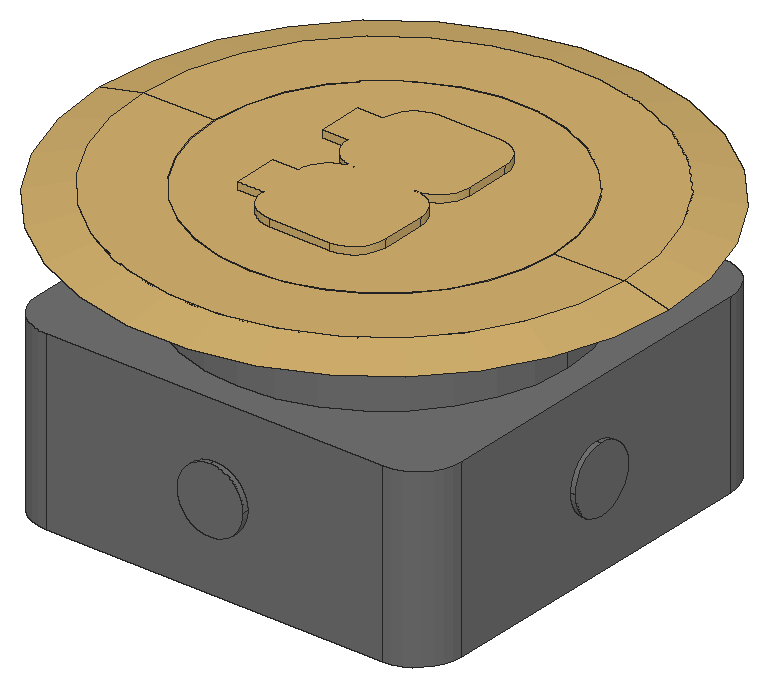
Revit family "Electrical_Equipment-Floor_Box-Hubbell_Wiring-Single_Service_Metal_Concrete-B2536", category Electrical Fixtures, host Face, Revit 2015
Parameters (values of type "B2536 - Brass Collar - 0.75in Access")
  URL = "http://www.hubbell-wiring.com/"
  Product data url = "https://bimobject.com/hubbellwiring/product/systemone-b2536"
  Product Page URL = "http://ecatalog.hubbell-wiring.com/productinformation/viewcatalog.aspx?Dest=hubbell-wiring.com/press/catalog/L.pdf&Page=4"
  Product Documentation Link = "http://ecatalog.hubbell-wiring.com/press/catalog/L-9.pdf"
  Model = "B2536"
  Manufacturer = "Hubbell-Wiring"  # constant formula
  Floor Box Type = Metal Concrete Floor Box : B2536 - Metal Concrete Floor Box
  Description = "Flush Round Single-Service Metal Concrete Floor Box"  # constant formula
  Default Elevation = 0' - 0"
  Cover Type [instance] = Single Service Covers : S3925 - Duplex Flap - Brass
  Cover Accessory Type [instance] = Carpet Flange : S3082 - 6.25in - Brass
  Construction Note [instance] = "Match Cover Material to Collar -- Turn Off Accessory for One Piece Cover"  # constant formula
  Conduit Connector_4 Description = "Conduit 0.75in. Connection"
  Conduit Connector_3 Description = "Conduit 0.75in. Connection"
  Conduit Connector_2 Description = "Conduit 0.75in. Connection"
  Conduit Connector_1 Description = "Conduit 0.75in. Connection"
  Conduit Connector 1 Radius = 0' - 0 3/8"
  Collar Material = Metal-Hubbell-Brass
  Box Material = Metal-Hubbell-Cast Iron
  Assembly Code = "D5020115"
Types (3): name | Model | Floor Box Type | Cover Type | Cover Accessory Type | Conduit Connector_4 Description | Conduit Connector_3 Description | Conduit Connector_2 Description | Conduit Connector_1 Description | Conduit Connector 1 Radius | Collar Material
  B2536 - Brass Collar - 0.75in Access | "B2536" | Metal Concrete Floor Box : B2536 - Metal Concrete Floor Box | Single Service Covers : S3925 - Duplex Flap - Brass | Carpet Flange : S3082 - 6.25in - Brass | "Conduit 0.75in. Connection" | "Conduit 0.75in. Connection" | "Conduit 0.75in. Connection" | "Conduit 0.75in. Connection" | 0' - 0 3/8" | Metal-Hubbell-Brass
  B253641 - Brass Collar - 1.0in Access | "B253641" | Metal Concrete Floor Box : B253641 - Metal Concrete Floor Box | Single Service Covers : S3925 - Duplex Flap - Brass | Carpet Flange : S3082 - 6.25in - Brass | "Conduit 1in. Connection" | "Conduit 1in. Connection" | "Conduit 1in. Connection" | "Conduit 1in. Connection" | 0' - 0 1/2" | Metal-Hubbell-Brass
  BA2536 - Aluminum Collar - 0.75in Access | "BA2536" | Metal Concrete Floor Box : BA2536 - Metal Concrete Floor Box | Single Service Covers : SA3925 - Duplex Flap - Aluminum | Carpet Flange : SA3082 - 6.25in - Aluminum | "Conduit 0.75in. Connection" | "Conduit 0.75in. Connection" | "Conduit 0.75in. Connection" | "Conduit 0.75in. Connection" | 0' - 0 3/8" | Metal-Hubbell-Aluminum
Reference planes (in)
  plane 1 "Center (Front/Back)": y = 0
  plane 2: z = 0
  plane 3 "Center (Left/Right)": x = 0
  plane 4: z = -3
Forms (in)
  Extrusion 1, void, detail levels fine
    sketch origin (0, 0, 0) x (1, 0, 0) y (0, 1, 0)
      loop
        line (1.92, 2.42) -> (-1.92, 2.42)
        arc (-1.92, 2.42) -> (-2.27355, 2.27355) -> (-2.42, 1.92) r 0.5
        line (-2.42, 1.92) -> (-2.42, -1.92)
        arc (-2.42, -1.92) -> (-2.27355, -2.27355) -> (-1.92, -2.42) r 0.5
        line (-1.92, -2.42) -> (1.92, -2.42)
        arc (1.92, -2.42) -> (2.27355, -2.27355) -> (2.42, -1.92) r 0.5
        line (2.42, -1.92) -> (2.42, 1.92)
        arc (2.42, 1.92) -> (2.27355, 2.27355) -> (1.92, 2.42) r 0.5
    from 0.20228 to -3
Lines and regions (in)
  symbolic lines
    curve 1: circle (0, 0, 0) r 3.25 normal (0, 0, 1)
Dimensions and locks (in)
  aligned and locked: plane 2 to host face
  aligned and locked: level to host face
  aligned: level to Extrusion 1
  aligned: Extrusion 1 to plane 4
  aligned and locked: plane 3 "Center (Left/Right)" to nested 1
  aligned and locked: plane 1 "Center (Front/Back)" to nested 1
  aligned and locked: plane 2 to nested 1
  aligned and locked: Extrusion 1 sketch curve to nested 1  (x4)
  aligned and locked: Extrusion 1 to nested 1
  aligned and locked: plane 4 to nested 1
  aligned and locked: plane 1 "Center (Front/Back)" to nested 2
  aligned and locked: plane 1 "Center (Front/Back)" to nested 3
  aligned and locked: plane 2 to nested 3
  aligned and locked: plane 3 "Center (Left/Right)" to nested 3
  aligned and locked: plane 3 "Center (Left/Right)" to nested 2
  aligned and locked: nested 2 to plane 2
Nested families (in)
  nested 1: "Metal Concrete Floor Box" at (0, 0, 0), type <- "Floor Box Type", type "B2536 - Metal Concrete Floor Box"
  nested 2: "Carpet Flange" at (0, 0, 0), type <- "Cover Accessory Type", type "S3082 - 6.25in - Brass"
  nested 3: "Single Service Covers" at (0, 0, 0), type <- "Cover Type", type "S3925 - Duplex Flap - Brass"
Connectors (in)
  cabletrayconduit at (0, -2.4825, -2), diameter 0.75, driven by "Conduit Connector 1 Radius", driven by "Conduit Connector_1 Description"
    settings: on nested 1, index 1, connector width 1' - 0", connector height 1' - 0", connector angle 0.00°, system type 32, placement type 0, profile type 0, connector reference index -1, is primary connector yes, connector utility param no, connector description "Conduit 0.75in. Connection"
  cabletrayconduit at (2.4825, 0, -2), diameter 0.75, driven by "Conduit Connector 1 Radius", driven by "Conduit Connector_2 Description"
    settings: on nested 1, index 2, connector width 1' - 0", connector height 1' - 0", connector angle 0.00°, system type 32, placement type 0, profile type 0, connector reference index -1, is primary connector no, connector utility param no, connector description "Conduit 0.75in. Connection"
  cabletrayconduit at (0, 2.4825, -2), diameter 0.75, driven by "Conduit Connector 1 Radius", driven by "Conduit Connector_3 Description"
    settings: on nested 1, index 3, connector width 1' - 0", connector height 1' - 0", connector angle 0.00°, system type 32, placement type 0, profile type 0, connector reference index -1, is primary connector no, connector utility param no, connector description "Conduit 0.75in. Connection"
  cabletrayconduit at (-2.4825, 0, -2), diameter 0.75, driven by "Conduit Connector 1 Radius", driven by "Conduit Connector_4 Description"
    settings: on nested 1, index 4, connector width 1' - 0", connector height 1' - 0", connector angle 0.00°, system type 32, placement type 0, profile type 0, connector reference index -1, is primary connector no, connector utility param no, connector description "Conduit 0.75in. Connection"
Definition of nested family "Metal Concrete Floor Box"
  Parameters
    Cover Material = none
    Conduit Connector Offset = 0' - 1"
    Conduit Connector 1 Radius = 0' - 0 3/8"
    Can Material = none
    Assembly Code = ""
  Reference planes (in)
    plane 1 "Center (Front/Back)": y = 0
    plane 2: z = 0
    plane 3 "Center (Left/Right)": x = 0
    plane 4: z = -3
    plane 5: z = -2
  Forms (in)
    Extrusion 1, solid, material <- "Can Material"
      sketch origin (0, 0, 0) x (1, 0, 0) y (0, 1, 0)
        loop
          arc (-1.92, 2.42) -> (-2.27355, 2.27355) -> (-2.42, 1.92) r 0.5
          line (-2.42, 1.92) -> (-2.42, -1.92)
          arc (-2.42, -1.92) -> (-2.27355, -2.27355) -> (-1.92, -2.42) r 0.5
          line (-1.92, -2.42) -> (1.92, -2.42)
          arc (1.92, -2.42) -> (2.27355, -2.27355) -> (2.42, -1.92) r 0.5
          line (2.42, -1.92) -> (2.42, 1.92)
          arc (2.42, 1.92) -> (2.27355, 2.27355) -> (1.92, 2.42) r 0.5
          line (1.92, 2.42) -> (-1.92, 2.42)
      from -1 to -3
    Extrusion 2, solid, material <- "Cover Material"
      sketch origin (0, 0, 0) x (1, 0, 0) y (0, 1, 0)
        loop
          circle (0, 0) r 2.095
        loop
          circle (0, 0) r 1.9075
      from -0.0625 to 0
    Extrusion 3, solid, material <- "Can Material"
      sketch origin (0, 0, 0) x (1, 0, 0) y (0, 1, 0)
        loop
          circle (0, 0) r 2.095
        loop
          circle (0, 0) r 1.9075
      from -1 to -0.0625
    Extrusion 4, solid, material <- "Can Material"
      sketch origin (0, 0, 0) x (1, 0, 0) y (0, 0, 1)
        loop
          arc (-0.375, -2) -> (-0.26517, -2.26517) -> (0, -2.375) r 0.375
          arc (0, -2.375) -> (0.26517, -2.26517) -> (0.375, -2) r 0.375
          arc (0.375, -2) -> (0.26517, -1.73483) -> (0, -1.625) r 0.375
          arc (0, -1.625) -> (-0.26517, -1.73483) -> (-0.375, -2) r 0.375
      from 2.42 to 2.4825
    Extrusion 5, solid, material <- "Can Material"
      sketch origin (0, 0, 0) x (1, 0, 0) y (0, 0, -1)
        loop
          arc (-0.375, 2) -> (-0.26517, 1.73483) -> (0, 1.625) r 0.375
          arc (0, 1.625) -> (0.26517, 1.73483) -> (0.375, 2) r 0.375
          arc (0.375, 2) -> (0.26517, 2.26517) -> (0, 2.375) r 0.375
          arc (0, 2.375) -> (-0.26517, 2.26517) -> (-0.375, 2) r 0.375
      from 2.42 to 2.4825
    Extrusion 6, solid, material <- "Can Material"
      sketch origin (0, 0, 0) x (0, 1, 0) y (0, 0, 1)
        loop
          arc (-0.375, -2) -> (-0.26517, -2.26517) -> (0, -2.375) r 0.375
          arc (0, -2.375) -> (0.26517, -2.26517) -> (0.375, -2) r 0.375
          arc (0.375, -2) -> (0.26517, -1.73483) -> (0, -1.625) r 0.375
          arc (0, -1.625) -> (-0.26517, -1.73483) -> (-0.375, -2) r 0.375
      from 2.42 to 2.4825
    Extrusion 7, solid, material <- "Can Material"
      sketch origin (0, 0, 0) x (0, 1, 0) y (0, 0, -1)
        loop
          arc (-0.375, 2) -> (-0.26517, 1.73483) -> (0, 1.625) r 0.375
          arc (0, 1.625) -> (0.26517, 1.73483) -> (0.375, 2) r 0.375
          arc (0.375, 2) -> (0.26517, 2.26517) -> (0, 2.375) r 0.375
          arc (0, 2.375) -> (-0.26517, 2.26517) -> (-0.375, 2) r 0.375
      from 2.42 to 2.4825
  Lines and regions (in)
    Masking region 1
      outline origin (0, 0, 0) x (1, 0, 0) y (0, 1, 0)
        loop
          line (0.375, 2.4825) -> (-0.375, 2.4825) -> (-0.375, 2.42) -> (-1.92, 2.42)
          arc (-1.92, 2.42) -> (-2.27355, 2.27355) -> (-2.42, 1.92) r 0.5
          line (-2.42, 1.92) -> (-2.42, 0.375) -> (-2.4825, 0.375) -> (-2.4825, -0.375) -> (-2.42, -0.375) -> (-2.42, -1.92)
          arc (-2.42, -1.92) -> (-2.27355, -2.27355) -> (-1.92, -2.42) r 0.5
          line (-1.92, -2.42) -> (-0.375, -2.42) -> (-0.375, -2.4825) -> (0.375, -2.4825) -> (0.375, -2.42) -> (1.92, -2.42)
          arc (1.92, -2.42) -> (2.27355, -2.27355) -> (2.42, -1.92) r 0.5
          line (2.42, -1.92) -> (2.42, -0.375) -> (2.4825, -0.375) -> (2.4825, 0.375) -> (2.42, 0.375) -> (2.42, 1.92)
          arc (2.42, 1.92) -> (2.27355, 2.27355) -> (1.92, 2.42) r 0.5
          line (1.92, 2.42) -> (0.375, 2.42) -> (0.375, 2.4825)
  Dimensions and locks (in)
    "Conduit Connector Offset": plane 5 to plane 4
    locked: level to plane 4 at 3
    "Conduit Connector 1 Radius": radius of Extrusion 4 sketch curve
    "Conduit Connector 1 Radius": radius of Extrusion 5 sketch curve
    "Conduit Connector 1 Radius": radius of Extrusion 6 sketch curve
    "Conduit Connector 1 Radius": radius of Extrusion 7 sketch curve
    aligned and locked: plane 2 to level
    aligned and locked: plane 4 to Extrusion 1
    aligned: plane 5 to Extrusion 4  (x4)
    aligned and locked: plane 5 to Extrusion 4 sketch curve
    aligned and locked: plane 3 "Center (Left/Right)" to Extrusion 4 sketch curve
    aligned and locked: Extrusion 4 to Extrusion 1
    aligned and locked: Masking region 1 sketch curve to Extrusion 5
    aligned and locked: Masking region 1 sketch curve to Extrusion 1  (x4)
    aligned and locked: Masking region 1 sketch curve to Extrusion 6
    aligned and locked: Masking region 1 sketch curve to Extrusion 4
    aligned and locked: Masking region 1 sketch curve to Extrusion 7
  Automatic sketch dimensions
    Extrusion 1 sketch curve to plane 3 "Center (Left/Right)" = 0' - 2.42"
    Extrusion 1 sketch curve to Extrusion 1 sketch curve = 0' - 0 1/2"  (x3)
    plane 3 "Center (Left/Right)" to Extrusion 1 sketch curve = 0' - 1.92"  (x2)
    plane 1 "Center (Front/Back)" to Extrusion 1 sketch curve = 0' - 2.42"
    Extrusion 1 sketch curve to plane 1 "Center (Front/Back)" = 0' - 1.92"
    Extrusion 2 sketch curve to Extrusion 2 sketch curve = 0' - 0"  (x2)
    plane 1 "Center (Front/Back)" to Extrusion 2 sketch curve = 0' - 0"
    Extrusion 2 sketch curve to plane 3 "Center (Left/Right)" = 0' - 0"
    Extrusion 3 sketch curve to Extrusion 3 sketch curve = 0' - 0"  (x2)
    plane 1 "Center (Front/Back)" to Extrusion 3 sketch curve = 0' - 0"
    Extrusion 3 sketch curve to plane 3 "Center (Left/Right)" = 0' - 0"
    Extrusion 4 sketch curve to Extrusion 4 sketch curve = 0' - 0"
    Extrusion 5 sketch curve to Extrusion 5 sketch curve = 0' - 0"
    Extrusion 5 sketch curve to plane 5 = 0' - 0"
    Extrusion 5 sketch curve to plane 3 "Center (Left/Right)" = 0' - 0"
    Extrusion 6 sketch curve to Extrusion 6 sketch curve = 0' - 0"
    Extrusion 6 sketch curve to plane 5 = 0' - 0"
    Extrusion 6 sketch curve to plane 1 "Center (Front/Back)" = 0' - 0"
    Extrusion 7 sketch curve to Extrusion 7 sketch curve = 0' - 0"
    Extrusion 7 sketch curve to plane 5 = 0' - 0"
    Extrusion 7 sketch curve to plane 1 "Center (Front/Back)" = 0' - 0"
    Masking region 1 sketch curve to plane 3 "Center (Left/Right)" = 0' - 0 3/8"  (x2)
    Masking region 1 sketch curve to Masking region 1 sketch curve = 0' - 0 3/4"  (x2)
    plane 1 "Center (Front/Back)" to Masking region 1 sketch curve = 0' - 0 3/8"  (x2)
    Masking region 1 sketch curve to plane 1 "Center (Front/Back)" = 0' - 0 3/8"  (x2)
    radius of Extrusion 2 sketch curve = 0' - 2.095"
    radius of Extrusion 2 sketch curve = 0' - 1.9075"
    radius of Extrusion 3 sketch curve = 0' - 2.095"
    radius of Extrusion 3 sketch curve = 0' - 1.9075"
Definition of nested family "Carpet Flange"
  Parameters
    Cover Material = none
    Assembly Code = ""
    6.25 in. Diameter = yes
    5.25 in. Diameter = no
  Reference planes (in)
    plane 1 "Center (Front/Back)": y = 0
    plane 2: z = 0
    plane 3 "Center (Left/Right)": x = 0
    plane 4: z = 0.12
    plane 5: x = -1.94
    plane 6: x = -2.75014
    plane 7: z = -0.44
    plane 8: z = 0.12
    plane 9: x = -1.94
    plane 10: x = -2.75014
    plane 11: z = -0.44
    plane 12: x = -3.25014
  Forms (in)
    Revolve 1, solid, material <- "Cover Material", visible <- "5.25 in. Diameter"
      sketch origin (0, 0, 0) x (1, 0, 0) y (0, 0, 1)
        loop
          line (-2.01967, 0) -> (-2.01967, -0.44) -> (-1.78401, -0.44) -> (-1.78401, -0.39301) -> (-1.94, -0.39301) -> (-1.94, 0.12) -> (-2.42153, 0.12) -> (-2.75014, 0) -> (-2.01967, 0)
        axis (0, 0.12) -> (0, -0.44)
      angle from 0 to 360
    Revolve 2, solid, material <- "Cover Material", visible <- "6.25 in. Diameter"
      sketch origin (0, 0, 0) x (1, 0, 0) y (0, 0, 1)
        loop
          line (-2.01967, 0) -> (-2.01967, -0.44) -> (-1.78401, -0.44) -> (-1.78401, -0.39301) -> (-1.94, -0.39301) -> (-1.94, 0.12) -> (-2.75014, 0.12) -> (-3.25014, 0) -> (-2.01967, 0)
        axis (0, 0.12) -> (0, -0.44)
      angle from 0 to 360
  Lines and regions (in)
    Masking region 1, visible <- "6.25 in. Diameter"
      outline origin (0, 0, 0) x (1, 0, 0) y (0, 1, 0)
        loop
          circle (0, 0) r 3.25014
    Masking region 2, visible <- "5.25 in. Diameter"
      outline origin (0, 0, 0) x (1, 0, 0) y (0, 1, 0)
        loop
          circle (0, 0) r 2.75014
    symbolic lines, visible <- "6.25 in. Diameter", detail levels medium+fine
      curve 1: arc (2.75014, 0, 0) -> (0, 2.75014, 0) -> (-2.75014, 0, 0) r 2.75014
      curve 2: arc (-2.75014, 0, 0) -> (0, -2.75014, 0) -> (2.75014, 0, 0) r 2.75014
    symbolic lines, visible <- "6.25 in. Diameter", detail levels fine
      curve 3: arc (-1.78401, 0, 0) -> (0, 1.78401, 0) -> (1.78401, 0, 0) r 1.78401
      curve 4: arc (1.78401, 0, 0) -> (0, -1.78401, 0) -> (-1.78401, 0, 0) r 1.78401
    symbolic lines, visible <- "5.25 in. Diameter", detail levels medium+fine
      curve 5: arc (2.42153, 0, 0) -> (0, 2.42153, 0) -> (-2.42153, 0, 0) r 2.42153
      curve 6: arc (-2.42153, 0, 0) -> (0, -2.42153, 0) -> (2.42153, 0, 0) r 2.42153
    symbolic lines, visible <- "5.25 in. Diameter", detail levels fine
      curve 7: arc (1.78401, 0, 0) -> (0, -1.78401, 0) -> (-1.78401, 0, 0) r 1.78401
      curve 8: arc (-1.78401, 0, 0) -> (0, 1.78401, 0) -> (1.78401, 0, 0) r 1.78401
  Dimensions and locks (in)
    plane 3 "Center (Left/Right)" to plane 6 = 0' - 2.75014"
    plane 4 to plane 7 = 0' - 0.56"
    Revolve 1 sketch curve to plane 5 = 0' - 1.94"
    plane 8 to plane 11 = 0' - 0.56"
    Revolve 2 sketch curve to plane 9 = 0' - 1.94"
    aligned and locked: plane 2 to level
    aligned and locked: curve 1 to Revolve 2
    aligned and locked: curve 2 to Revolve 2
    aligned and locked: curve 3 to Revolve 2
    aligned and locked: curve 4 to Revolve 2
    aligned and locked: curve 5 to Revolve 1
    aligned and locked: curve 6 to Revolve 1
    aligned and locked: curve 7 to Revolve 2
    aligned and locked: curve 8 to Revolve 2
Definition of nested family "Single Service Covers"
  Parameters
    Duplex Screw = no
    Duplex Flap = yes
    Cover Material = none
    Combination Flap = no
    Box = yes
    Assembly Code = ""
  Reference planes (in)
    plane 1 "Center (Front/Back)": y = 0
    plane 2: z = 0
    plane 3 "Center (Left/Right)": x = 0
  Forms (in)
    Extrusion 1, solid, material <- "Cover Material", visible <- "Duplex Flap", detail levels medium+fine
      sketch origin (0, 0, 0) x (1, 0, 0) y (0, 1, 0)
        loop
          arc (-0.34332, 1.20711) -> (-0.59332, 1.10355) -> (-0.69687, 0.85355) r 0.35355
          line (-0.69687, 0.85355) -> (-0.98976, 0.85355) -> (-0.98976, 0.35355) -> (-0.69687, 0.35355)
          arc (-0.69687, 0.35355) -> (-0.59332, 0.10355) -> (-0.34332, 0) r 0.35355
          arc (-0.34332, 0) -> (-0.59332, -0.10355) -> (-0.69687, -0.35355) r 0.35355
          line (-0.69687, -0.35355) -> (-0.98976, -0.35355) -> (-0.98976, -0.85355) -> (-0.69687, -0.85355)
          arc (-0.69687, -0.85355) -> (-0.59332, -1.10355) -> (-0.34332, -1.20711) r 0.35355
          line (-0.34332, -1.20711) -> (0.34332, -1.20711)
          arc (0.34332, -1.20711) -> (0.59332, -1.10355) -> (0.69687, -0.85355) r 0.35355
          line (0.69687, -0.85355) -> (0.69687, -0.35355)
          arc (0.69687, -0.35355) -> (0.59332, -0.10355) -> (0.34332, 0) r 0.35355
          arc (0.34332, 0) -> (0.59332, 0.10355) -> (0.69687, 0.35355) r 0.35355
          line (0.69687, 0.35355) -> (0.69687, 0.85355)
          arc (0.69687, 0.85355) -> (0.59332, 1.10355) -> (0.34332, 1.20711) r 0.35355
          line (0.34332, 1.20711) -> (-0.34332, 1.20711)
      from 0.12 to 0.20228
    Extrusion 2, solid, material <- "Cover Material", visible <- "Combination Flap", detail levels medium+fine
      sketch origin (0.0053, 0, 0) x (1, 0, 0) y (0, 1, 0)
        loop
          circle (0, 0) r 1
        loop
          line (-0.08565, 0.54465) -> (-0.08565, -0.54465) -> (0.0625, -0.54465) -> (0.0625, 0.54465) -> (-0.08565, 0.54465)
      from 0.12 to 0.20228
    Extrusion 3, solid, material <- "Cover Material", visible <- "Box"
      sketch origin (0, 0, 0) x (1, 0, 0) y (0, 1, 0)
        loop
          circle (0, 0) r 1.94
      from -0.44 to 0.12
    Extrusion 4, solid, material <- "Cover Material", visible <- "Duplex Screw", detail levels medium+fine
      sketch origin (-0.00003, 0.76567, 0) x (0, 1, 0) y (-1, 0, 0)
        loop
          circle (-0.01567, -0.00003) r 0.75
        loop
          line (-0.07309, 0.39733) -> (-0.07309, -0.41965) -> (0.0625, -0.41965) -> (0.0625, 0.39733) -> (-0.07309, 0.39733)
      from 0.12 to 0.20228
    Extrusion 5, solid, material <- "Cover Material", visible <- "Duplex Screw", detail levels medium+fine
      sketch origin (-0.00003, -0.73433, 0) x (0, 1, 0) y (-1, 0, 0)
        loop
          circle (-0.01567, -0.00003) r 0.75
        loop
          line (-0.07309, 0.39733) -> (-0.07309, -0.41965) -> (0.0625, -0.41965) -> (0.0625, 0.39733) -> (-0.07309, 0.39733)
      from 0.12 to 0.20228
  Lines and regions (in)
    Masking region 1, visible <- "Box"
      outline origin (0, 0, 0) x (1, 0, 0) y (0, 1, 0)
        loop
          circle (0, 0) r 1.94
    symbolic lines, visible <- "Duplex Screw", detail levels fine
      curve 1: arc (0, 1.5, 0) -> (-0.75, 0.75, 0) -> (0, 0, 0) r 0.75
      curve 2: arc (0, 0, 0) -> (0.75, 0.75, 0) -> (0, 1.5, 0) r 0.75
      curve 3: line (-0.39736, 0.82817, 0) -> (0.41962, 0.82817, 0)
      curve 4: line (0.41962, 0.82817, 0) -> (0.41962, 0.69257, 0)
      curve 5: line (0.41962, 0.69257, 0) -> (-0.39736, 0.69257, 0)
      curve 6: line (-0.39736, 0.69257, 0) -> (-0.39736, 0.82817, 0)
      curve 7: arc (0, 0, 0) -> (-0.75, -0.75, 0) -> (0, -1.5, 0) r 0.75
      curve 8: arc (0, -1.5, 0) -> (0.75, -0.75, 0) -> (0, 0, 0) r 0.75
      curve 9: line (0.41962, -0.80743, 0) -> (-0.39736, -0.80743, 0)
      curve 10: line (0.41962, -0.67183, 0) -> (0.41962, -0.80743, 0)
      curve 11: line (-0.39736, -0.67183, 0) -> (0.41962, -0.67183, 0)
      curve 12: line (-0.39736, -0.80743, 0) -> (-0.39736, -0.67183, 0)
    symbolic lines, visible <- "Duplex Flap", detail levels fine
      curve 13: arc (-0.69687, -0.85355, 0) -> (-0.59332, -1.10355, 0) -> (-0.34332, -1.20711, 0) r 0.35355
      curve 14: line (-0.34332, -1.20711, 0) -> (0.34332, -1.20711, 0)
      curve 15: arc (0.34332, -1.20711, 0) -> (0.59332, -1.10355, 0) -> (0.69687, -0.85355, 0) r 0.35355
      curve 16: line (0.69687, -0.85355, 0) -> (0.69687, -0.35355, 0)
      curve 17: arc (0.69687, -0.35355, 0) -> (0.59332, -0.10355, 0) -> (0.34332, 0, 0) r 0.35355
      curve 18: arc (0.34332, 0, 0) -> (0.59332, 0.10355, 0) -> (0.69687, 0.35355, 0) r 0.35355
      curve 19: line (0.69687, 0.35355, 0) -> (0.69687, 0.85355, 0)
      curve 20: arc (0.69687, 0.85355, 0) -> (0.59332, 1.10355, 0) -> (0.34332, 1.20711, 0) r 0.35355
      curve 21: line (0.34332, 1.20711, 0) -> (-0.34332, 1.20711, 0)
      curve 22: arc (-0.34332, 1.20711, 0) -> (-0.59332, 1.10355, 0) -> (-0.69687, 0.85355, 0) r 0.35355
      curve 23: line (-0.69687, 0.85355, 0) -> (-0.98976, 0.85355, 0)
      curve 24: line (-0.98976, 0.85355, 0) -> (-0.98976, 0.35355, 0)
      curve 25: line (-0.98976, 0.35355, 0) -> (-0.69687, 0.35355, 0)
      curve 26: arc (-0.69687, 0.35355, 0) -> (-0.59332, 0.10355, 0) -> (-0.34332, 0, 0) r 0.35355
      curve 27: arc (-0.34332, 0, 0) -> (-0.59332, -0.10355, 0) -> (-0.69687, -0.35355, 0) r 0.35355
      curve 28: line (-0.69687, -0.35355, 0) -> (-0.98976, -0.35355, 0)
      curve 29: line (-0.98976, -0.35355, 0) -> (-0.98976, -0.85355, 0)
      curve 30: line (-0.98976, -0.85355, 0) -> (-0.69687, -0.85355, 0)
    symbolic lines, visible <- "Combination Flap", detail levels fine
      curve 31: arc (-0.9947, 0, 0) -> (0.0053, -1, 0) -> (1.0053, 0, 0) r 1
      curve 32: arc (1.0053, 0, 0) -> (0.0053, 1, 0) -> (-0.9947, 0, 0) r 1
      curve 33: line (-0.08035, -0.54465, 0) -> (-0.08035, 0.54465, 0)
      curve 34: line (-0.08035, 0.54465, 0) -> (0.0678, 0.54465, 0)
      curve 35: line (0.0678, 0.54465, 0) -> (0.0678, -0.54465, 0)
      curve 36: line (0.0678, -0.54465, 0) -> (-0.08035, -0.54465, 0)
  Dimensions and locks (in)
    aligned and locked: plane 2 to level
    aligned and locked: curve 1 to Extrusion 4
    aligned and locked: curve 2 to Extrusion 4
    aligned and locked: curve 3 to Extrusion 4
    aligned and locked: curve 4 to Extrusion 4
    aligned and locked: curve 5 to Extrusion 4
    aligned and locked: curve 6 to Extrusion 4
    aligned and locked: curve 7 to Extrusion 5
    aligned and locked: curve 8 to Extrusion 5
    aligned and locked: curve 9 to Extrusion 5
    aligned and locked: curve 10 to Extrusion 5
    aligned and locked: curve 11 to Extrusion 5
    aligned and locked: curve 12 to Extrusion 5
    aligned and locked: curve 13 to Extrusion 1
    aligned and locked: curve 14 to Extrusion 1
    aligned and locked: curve 15 to Extrusion 1
    aligned and locked: curve 16 to Extrusion 1
    aligned and locked: curve 17 to Extrusion 1
    aligned and locked: curve 18 to Extrusion 1
    aligned and locked: curve 19 to Extrusion 1
    aligned and locked: curve 20 to Extrusion 1
    aligned and locked: curve 21 to Extrusion 1
    aligned and locked: curve 22 to Extrusion 1
    aligned and locked: curve 23 to Extrusion 1
    aligned and locked: curve 24 to Extrusion 1
    aligned and locked: curve 25 to Extrusion 1
    aligned and locked: curve 26 to Extrusion 1
    aligned and locked: curve 27 to Extrusion 1
    aligned and locked: curve 28 to Extrusion 1
    aligned and locked: curve 29 to Extrusion 1
    aligned and locked: curve 30 to Extrusion 1
    aligned and locked: curve 31 to Extrusion 2
    aligned and locked: curve 32 to Extrusion 2
    aligned and locked: curve 33 to Extrusion 2
    aligned and locked: curve 34 to Extrusion 2
    aligned and locked: curve 35 to Extrusion 2
    aligned and locked: curve 36 to Extrusion 2
